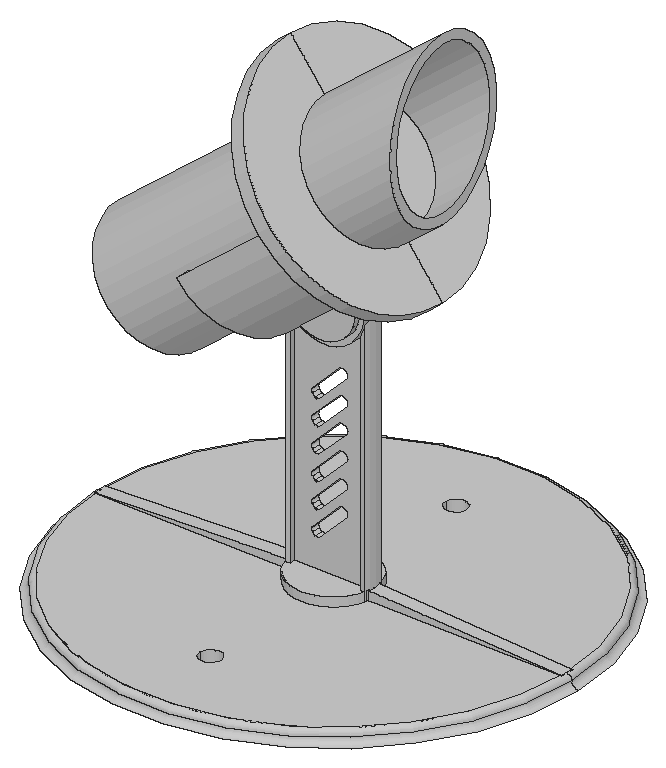
Revit family "SMALL UNDERWATER_LKPB0158WW.9", category Luminarias, Revit 2019
Family settings
  Cota de conector redondo = Diámetro de uso
  Tipo de pieza = Normal
  Se basa en plano de trabajo = Sí
  Siempre vertical = No
  Corte con vacíos al cargar = No
  Origen de luz = Sí
  Compartido = No
  Punto de cálculo de habitación = No
Parameters (values of type "SUB_LKPB0158WW.9")
  Ángulo de inclinación = 60.00°
  Zone [instance] = ""
  Watt per fixture = 2.6
  Wattage = 2.6 W
  built-in parameter 1150107 = 3000 (stored number, unit not read)
  built-in parameter 1150110 = 1 (stored number, unit not read)
  built-in parameter 1150109 = 1 (stored number, unit not read)
  built-in parameter 1150112 = 1 (stored number, unit not read)
  built-in parameter 1150113 = 1 (stored number, unit not read)
  built-in parameter 1114218 = 1 (stored number, unit not read)
  Keynote = ""
  built-in parameter 1150142 = "IESNA:LM-63-1995\r\n[TEST] SMALL UNDERWATER\r\n[DATE] 2016/12/12\r\n[MANUFAC] BRILLANTE ILUMINACION\r\n[LUMCAT] SMALL UNDERWATER \r\n[LUMINAIRE] LKPB0158WW\r\n[LAMPCAT] SMALL UNDERWATER \r\n[LAMP] SMALL UNDERWATER 3000°K 9°\r\nTILT=NONE\r\n0 -1 1.0 19 9 1 2 0.000 0.000 0.000\r\n1 1 2.6\r\n0.0 5.0 10.0 15.0 20.0 25.0 30.0 35.0 40.0 45.0 50.0 55.0 60.0 65.0 70.0 75.0 80.0 85.0 90.0\r\n0.0 45.0 90.0 135.0 180.0 225.0 270.0 315.0 360.0 \r\n1984.791 747.728 196.124 97.703 52.641 34.206 22.736 15.055 8.296 5.121 3.482 2.356 1.639 1.127 0.819 0.614 0.307 0.205 0.102\r\n2199.861 845.943 241.903 95.348 53.665 31.544 19.459 10.856 6.247 4.301 2.868 1.946 1.434 1.024 0.717 0.512 0.307 0.102 0.102\r\n1932.150 668.356 201.244 82.853 39.942 18.025 7.681 4.813 3.380 2.356 1.741 1.331 0.922 0.614 0.307 0.205 0.102 0.102 0.102\r\n2017.154 908.109 204.010 99.854 36.460 9.934 4.506 2.868 2.356 1.843 1.434 1.024 0.512 0.102 0.000 0.000 0.000 0.000 0.000\r\n1984.791 1374.401 539.724 140.308 53.972 11.573 4.301 2.048 1.741 1.536 1.229 0.922 0.307 0.102 0.102 0.102 0.102 0.102 0.102\r\n2199.861 1315.923 415.803 131.603 49.773 13.928 5.940 3.585 2.868 2.048 1.434 1.024 0.614 0.205 0.102 0.102 0.102 0.102 0.102\r\n1932.150 1493.202 541.772 149.935 67.081 32.773 15.055 7.579 4.916 3.482 2.458 1.741 1.229 0.819 0.512 0.205 0.102 0.102 0.102\r\n2017.154 1130.655 346.570 124.536 60.117 36.460 23.248 14.133 7.886 5.121 3.380 2.253 1.536 1.127 0.819 0.512 0.307 0.205 0.102\r\n1984.791 747.728 196.124 97.703 52.641 34.206 22.736 15.055 8.296 5.121 3.482 2.356 1.639 1.127 0.819 0.614 0.307 0.205 0.102\r\n"
  built-in parameter 1150137 = (empty or 0)
  built-in parameter 1150132 = (empty or 0)
  Modelo = "LKPB0158WW.9"
  Lámpara = "OSRAM"
  built-in parameter 1150105 = 9.5857 (stored number, unit not read)
  built-in parameter 1150102 = (empty or 0)
  built-in parameter 1150106 = 0.095857 (stored number, unit not read)
  Lumens = 120.458 lm
  Color Filter = 16777215
  built-in parameter 1114217 = 1 (stored number, unit not read)
  built-in parameter 1150139 = (empty or 0)
  Fabricante = "BRILLANT"
  Default Elevation = 0 mm
  built-in parameter 1150104 = 4.3042 (stored number, unit not read)
  Descripción = "LUMINARIA SUB ACUATICA TIPO PUNTUAL, ACABADO EN ACERO INOXIDABLE, CUPERO MOLDEADO EN CROMO, SELLO DE SILICON, VIDRIO TEMPLADO DE 7MM, 1 LED TIPO OSRAM CON UN CONSUMO TOTAL DE 2.6W, 139 LUMENES CON  UNA TEMPERATURA EN BLANCO CALIDO 3000K, IP 68, IK 06, SUMERGIBLE MAXIMO 2M, CABLE H07RN DE 3M, APERTURA A 9 GRADOS, ALIMENTADA A 24V. REQUIERE ACCESORIOS."
  built-in parameter 1150115 = 1 (stored number, unit not read)
  built-in parameter 1150114 = 1 (stored number, unit not read)
  Comentarios de vataje = "24V"
  built-in parameter 1150138 = (empty or 0)
  built-in parameter 1150134 = (empty or 0)
  Circuit [instance] = ""
  Dimming Lamp Color Temperature Shift = (empty or 0)
  Archivo de red fotométrica = "SMALL UNDERWATER_LKPB0158WW 9°.IES"
  built-in parameter 1150133 = 10 (stored number, unit not read)
Reference planes
  plane 1 "Centro (Frontal/Posterior)": y = 0
  plane 2: z = 0
  plane 3 "Centro (Izquierda/Derecha)": x = 0
  plane 4: z = 132
  plane 5: z = 3
  plane 6: x = -653.678
  plane 7: x = 600
  plane 8 "inclinado": through (-18.314, -1524, 86.57) normal (0.7771, 0, 0.6293)
Forms (mm)
  Revolve 1, solid, material "Acero Inoxidable"
    sketch origin (0, 0, 0) x (1, 0, 0) y (0, 0, 1)
      loop
        arc (60, 0) -> (58.861, 0.472) -> (58.389, 1.611) r 1.611
        arc (58.389, 1.611) -> (57.982, 2.593) -> (57, 3) r 1.389
        line (57, 3) -> (0, 3) -> (0, 0) -> (60, 0)
      axis (0, 3) -> (0, 0)
    angle from 0 to 360
  Extrusion 2, solid, material "Acero Inoxidable"
    sketch origin (0, 0, 0) x (1, 0, 0) y (0, 1, 0)
      loop
        circle (0, 0) r 10
    from 3 to 5.134
  Extrusion 3, solid, material "Acero Inoxidable"
    sketch origin (0, 0, 0) x (1, 0, 0) y (0, 0, 1)
      loop
        line (-10, 5.134) -> (-57.216, 3) -> (-10, 3) -> (-10, 5.134)
      loop
        line (10, 5.134) -> (10, 3) -> (57.216, 3) -> (10, 5.134)
    from -1.668 to 1.605
  Extrusion 4, void
    sketch origin (0, 0, 0) x (1, 0, 0) y (0, 1, 0)
      loop
        circle (0, 37.605) r 2.589
      loop
        circle (0, -37.605) r 2.589
    from 0 to 3
  Extrusion 5, solid, material "Acero Inoxidable"
    sketch origin (0, 0, 0) x (1, 0, 0) y (0, 1, 0)
      loop
        arc (-9.664, 2.571) -> (-10, 0) -> (-9.664, -2.571) r 10
        line (-9.664, -2.571) -> (-8.527, -2.387)
        arc (-8.527, -2.387) -> (-8.69, -1.699) -> (-8.798, -1) r 8.855
        line (-8.798, -1) -> (8.798, -1)
        arc (8.798, -1) -> (8.69, -1.699) -> (8.527, -2.387) r 8.855
        line (8.527, -2.387) -> (9.664, -2.571)
        arc (9.664, -2.571) -> (10, 0) -> (9.664, 2.571) r 10
        line (9.664, 2.571) -> (8.527, 2.387)
        arc (8.527, 2.387) -> (8.69, 1.699) -> (8.798, 1) r 8.855
        line (8.798, 1) -> (-8.798, 1)
        arc (-8.798, 1) -> (-8.69, 1.699) -> (-8.527, 2.387) r 8.855
        line (-8.527, 2.387) -> (-9.664, 2.571)
    from 3 to 66.238
  Extrusion 6, void
    sketch origin (0, 0, 0) x (1, 0, 0) y (0, 0, 1)
      loop
        arc (-4.236, 44.448) -> (-4.479, 43.861) -> (-4.236, 43.274) r 0.831
        line (-4.236, 43.274) -> (-3.616, 42.653)
        arc (-3.616, 42.653) -> (-3.028, 42.41) -> (-2.441, 42.653) r 0.831
        line (-2.441, 42.653) -> (4.236, 49.33)
        arc (4.236, 49.33) -> (4.479, 49.917) -> (4.236, 50.505) r 0.831
        line (4.236, 50.505) -> (3.616, 51.125)
        arc (3.616, 51.125) -> (3.028, 51.368) -> (2.441, 51.125) r 0.831
        line (2.441, 51.125) -> (-4.236, 44.448)
      loop
        arc (-4.236, 38.355) -> (-4.479, 37.768) -> (-4.236, 37.18) r 0.831
        line (-4.236, 37.18) -> (-3.616, 36.56)
        arc (-3.616, 36.56) -> (-3.028, 36.317) -> (-2.441, 36.56) r 0.831
        line (-2.441, 36.56) -> (4.236, 43.237)
        arc (4.236, 43.237) -> (4.479, 43.824) -> (4.236, 44.411) r 0.831
        line (4.236, 44.411) -> (3.616, 45.032)
        arc (3.616, 45.032) -> (3.028, 45.275) -> (2.441, 45.032) r 0.831
        line (2.441, 45.032) -> (-4.236, 38.355)
      loop
        arc (-4.236, 32.262) -> (-4.479, 31.674) -> (-4.236, 31.087) r 0.831
        line (-4.236, 31.087) -> (-3.616, 30.467)
        arc (-3.616, 30.467) -> (-3.028, 30.223) -> (-2.441, 30.467) r 0.831
        line (-2.441, 30.467) -> (4.236, 37.143)
        arc (4.236, 37.143) -> (4.479, 37.731) -> (4.236, 38.318) r 0.831
        line (4.236, 38.318) -> (3.616, 38.939)
        arc (3.616, 38.939) -> (3.028, 39.182) -> (2.441, 38.939) r 0.831
        line (2.441, 38.939) -> (-4.236, 32.262)
      loop
        arc (-4.236, 26.169) -> (-4.479, 25.581) -> (-4.236, 24.994) r 0.831
        line (-4.236, 24.994) -> (-3.616, 24.373)
        arc (-3.616, 24.373) -> (-3.028, 24.13) -> (-2.441, 24.373) r 0.831
        line (-2.441, 24.373) -> (4.236, 31.05)
        arc (4.236, 31.05) -> (4.479, 31.637) -> (4.236, 32.225) r 0.831
        line (4.236, 32.225) -> (3.616, 32.845)
        arc (3.616, 32.845) -> (3.028, 33.089) -> (2.441, 32.845) r 0.831
        line (2.441, 32.845) -> (-4.236, 26.169)
      loop
        arc (-4.236, 20.075) -> (-4.479, 19.488) -> (-4.236, 18.9) r 0.831
        line (-4.236, 18.9) -> (-3.616, 18.28)
        arc (-3.616, 18.28) -> (-3.028, 18.037) -> (-2.441, 18.28) r 0.831
        line (-2.441, 18.28) -> (4.236, 24.957)
        arc (4.236, 24.957) -> (4.479, 25.544) -> (4.236, 26.132) r 0.831
        line (4.236, 26.132) -> (3.616, 26.752)
        arc (3.616, 26.752) -> (3.028, 26.995) -> (2.441, 26.752) r 0.831
        line (2.441, 26.752) -> (-4.236, 20.075)
      loop
        arc (-4.236, 13.982) -> (-4.479, 13.395) -> (-4.236, 12.807) r 0.831
        line (-4.236, 12.807) -> (-3.616, 12.187)
        arc (-3.616, 12.187) -> (-3.028, 11.944) -> (-2.441, 12.187) r 0.831
        line (-2.441, 12.187) -> (4.236, 18.864)
        arc (4.236, 18.864) -> (4.479, 19.451) -> (4.236, 20.038) r 0.831
        line (4.236, 20.038) -> (3.616, 20.659)
        arc (3.616, 20.659) -> (3.028, 20.902) -> (2.441, 20.659) r 0.831
        line (2.441, 20.659) -> (-4.236, 13.982)
    from -1 to 1
  Extrusion 7, solid, material "Acero Inoxidable"
    sketch origin (0, 0, 0) x (1, 0, 0) y (0, 0, 1)
      loop
        circle (0, 66.238) r 10
    from -2.669 to 2.776
  Extrusion 8, solid, material "Acero Inoxidable"
    sketch origin (0, 0, 0) x (1, 0, 0) y (0, 0, 1)
      loop
        circle (0, 66.238) r 8.527
    from -3.879 to 3.918
  Extrusion 9, solid, material "Acero Inoxidable"
    sketch origin (38.907, 0, 12.732) x (0.809017, 0, 0.587785) y (-0.587785, 0, 0.809017)
      loop
        line (-8.527, 67.314) -> (-8.527, 65.161) -> (8.251, 65.161) -> (8.251, 67.314) -> (-8.527, 67.314)
    from -6.819 to 6.783
  Extrusion 10, solid, material "Acero Inoxidable"
    sketch origin (35.015, 0, 20.714) x (-0.62932, 0, 0.777146) y (0, -1, 0)
      loop
        line (74.745, 16.141) -> (74.745, 20.141)
        arc (74.745, 20.141) -> (54.604, 0) -> (74.745, -20.141) r 20.141
        line (74.745, -20.141) -> (74.745, -16.141)
        arc (74.745, -16.141) -> (58.604, 0) -> (74.745, 16.141) r 16.141
    from -13.208 to 23.085
  Revolve 11, solid, material "Acero Inoxidable"
    sketch origin (-79.16, 0, 96.158) x (0, 0, -1) y (1, 0, 0)
      loop
        line (40.545, 36.817) -> (53.223, 47.084) -> (23.006, 84.399)
        arc (23.006, 84.399) -> (21.888, 84.469) -> (21.99, 85.585) r 0.781
        line (21.99, 85.585) -> (21.482, 86.212)
        arc (21.482, 86.212) -> (20.383, 86.328) -> (20.499, 87.426) r 0.781
        line (20.499, 87.426) -> (19.99, 88.054)
        arc (19.99, 88.054) -> (18.878, 88.186) -> (19.042, 89.294) r 0.781
        line (19.042, 89.294) -> (14.683, 94.676) -> (25.101, 103.113) -> (22.713, 106.062) -> (12.295, 97.626) -> (-11.117, 126.537) -> (-12.562, 125.367) -> (9.217, 98.473) -> (-2.016, 89.376) -> (40.545, 36.817)
      axis (-23.795, 116.271) -> (40.545, 36.817)
    angle from 0 to 360
  Extrusion 12, void
    sketch origin (27.372, 0, 30.152) x (-0.62932, 0, 0.777146) y (0, -1, 0)
      loop
        circle (63.579, 0.01) r 16.073
      loop
        circle (63.579, 0.01) r 15.534
    from -43.944 to -35.873
  Extrusion 13, void
    sketch origin (0, 0, 0) x (1, 0, 0) y (0, 0, 1)
      loop
        line (26.844, 132.631) -> (26.844, 87.631) -> (51.844, 87.631) -> (51.844, 132.631) -> (26.844, 132.631)
    from -20.591 to 22.166
  Extrusion 14, solid, material "Acero Inoxidable"
    sketch origin (11.387, 0, 49.892) x (-0.62932, 0, 0.777146) y (0, -1, 0)
      loop
        line (37.201, -5) -> (41.531, -2.5) -> (41.531, 2.5) -> (37.201, 5) -> (32.871, 2.5) -> (32.871, -2.5) -> (37.201, -5)
    from -41.395 to -38.156
  Extrusion 15, solid, material "Plastico"
    sketch origin (11.387, 0, 49.892) x (-0.62932, 0, 0.777146) y (0, -1, 0)
      loop
        circle (37.201, 0) r 2.706
    from -48.927 to -41.395
Cuts and joins
  Extrusion 4 cuts Revolve 1
  Extrusion 6 cuts Extrusion 5
  Extrusion 12, Extrusion 13 cuts Revolve 11
  Extrusion 12 cuts Extrusion 7
  Extrusion 12 cuts Extrusion 10
Dimensions and locks
  plane 4 to plane 2 = 132 mm
  plane 4 to level = 132 mm
  plane 5 to level = 3 mm
  Revolve 11 sketch curve to Revolve 11 sketch curve = 16.314 mm
  Revolve 11 sketch curve to Revolve 11 sketch curve = 102.238 mm
  cut or joined group of Revolve 11, Extrusion 12, Extrusion 13 to cut or joined group of Revolve 11, Extrusion 12, Extrusion 13 = 102.238 mm
  Revolve 11 sketch curve to Revolve 11 sketch curve = 29.719 mm
  Extrusion 10 sketch curve to Extrusion 10 sketch curve = 4 mm
  aligned and locked: level to plane 2
  aligned and locked: Extrusion 5 to Extrusion 6  (x2)
Connectors
  electrical at (-50.047, 0, 48.012)
    settings: on Extrusion 15, index 1, voltage 24 V, apparent load 0 VA, apparent load phase1 0 VA, apparent load phase2 0 VA, apparent load phase3 0 VA, power factor 1, load classification "Otro", number of poles 1, system type 31, power factor state 1, is connector primary yes, connector utility no, sub classification motor no, connector description ""
